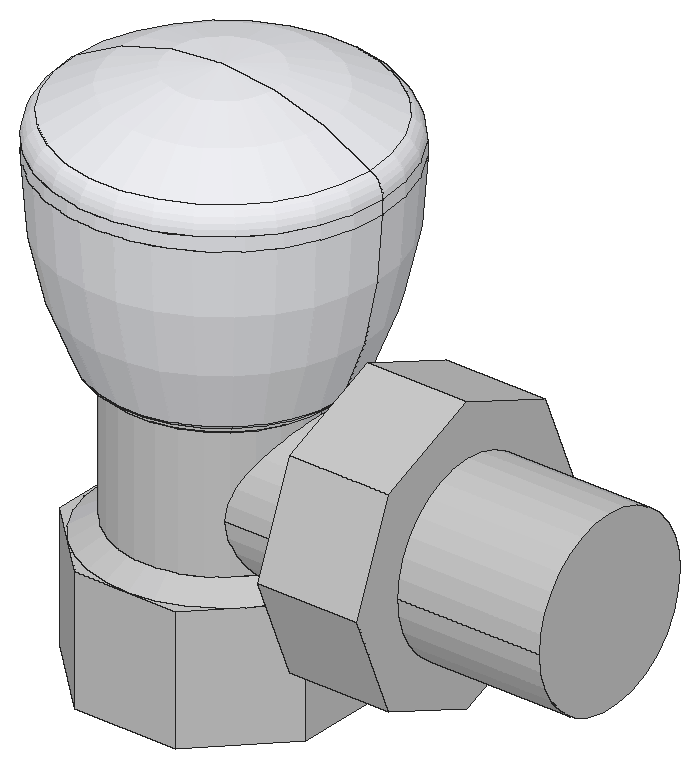
Revit family "PA_Арматура трубопроводов [клапан регулирующий угловой, VT.007.N]1 - VALTEC", category Арматура трубопроводов, Revit 2018
Family settings
  Размер круглого соединителя = Использовать диаметр
  Тип детали = Вставляется
  На основе рабочей плоскости = Нет
  Всегда вертикально = Да
  При загрузке вырезать с полостями = Нет
  Общий = Нет
Parameters (values of type "VT.007.N")
  Таблица 2 = "PA_Арматура трубопроводов [клапан регулирующий угловой, VT.007.N] - VALTEC - Таблица 2"  # constant formula
  Таблица 1 = "PA_Арматура трубопроводов [клапан регулирующий угловой, VT.007.N] - VALTEC - Таблица 1"  # constant formula
  Материал доп.1 = Пластик белый - VALTEC
  Изготовитель = "VALTEC"  # constant formula
  d7 [instance] = size_lookup(Таблица 1, "d7", 0 mm, d)  # 26.4 mm
  d6 [instance] = size_lookup(Таблица 1, "d6", 0 mm, d)  # 41.5 mm
  b5 [instance] = size_lookup(Таблица 1, "b5", 0 mm, d)  # 1.1 mm
  b4 [instance] = size_lookup(Таблица 1, "b4", 0 mm, d)  # 0.8 mm
  b3 [instance] = size_lookup(Таблица 1, "b3", 0 mm, d)  # 19.5 mm
  a5 [instance] = size_lookup(Таблица 1, "a5", 0 mm, d)  # 13.5 mm
  a4 [instance] = size_lookup(Таблица 1, "a4", 0 mm, d)  # 8 mm
  C [instance] = size_lookup(Таблица 1, "C", 0 mm, d)  # 28.1 mm
  B [instance] = size_lookup(Таблица 1, "B", 0 mm, d)  # 53.7 mm
  b2 [instance] = size_lookup(Таблица 1, "b2", 0 mm, d)  # 2.1 mm
  d5 [instance] = size_lookup(Таблица 1, "d5", 0 mm, d)  # 24.3 mm
  d4 [instance] = size_lookup(Таблица 1, "d4", 0 mm, d)  # 23 mm
  d3 [instance] = size_lookup(Таблица 1, "d3", 0 mm, d)  # 32 mm
  d2 [instance] = size_lookup(Таблица 1, "d2", 0 mm, d)  # 29.6 mm
  d1 [instance] = size_lookup(Таблица 1, "d1", 0 mm, d)  # 37 mm
  d [instance] = 20 mm
  b1 [instance] = size_lookup(Таблица 1, "b1", 0 mm, d)  # 18.5 mm
  a3 [instance] = size_lookup(Таблица 1, "a3", 0 mm, d)  # 15 mm
  a2 [instance] = size_lookup(Таблица 1, "a2", 0 mm, d)  # 1.9 mm
  a1 [instance] = size_lookup(Таблица 1, "a1", 0 mm, d)  # 19.8 mm
  URL = "https://valtec.ru/"
  ADSK_Расход жидкости [instance] = 0.0 L/s
  ADSK_Примечание [instance] = ""
  ADSK_Потеря давления жидкости [instance] = 0.0 Pa
  ADSK_Позиция [instance] = ""
  ADSK_Обозначение [instance] = "VT.007.N"  # constant formula
  ADSK_Наименование [instance] = size_lookup(Таблица 1, "", "Данный типоразмер отсутствует", d)  # "Клапан регулирующий угловой, 3/4\""
  ADSK_Материал = Сталь, нержавеющая - VALTEC
  ADSK_Масса [instance] = if(d = 15 mm, 0.238, if(d = 20 mm, 0.39, 0))  # 0.39
  ADSK_Марка [instance] = size_lookup(Таблица 2, "", "Данный типоразмер отсутствует", d)  # "VT.007.N.05"
  ADSK_Код изделия [instance] = size_lookup(Таблица 2, "", "Данный типоразмер отсутствует", d)  # "VT.007.N.05"
  ADSK_Завод-изготовитель [instance] = Изготовитель  # "VALTEC"
  ADSK_Единица измерения [instance] = "шт."  # constant formula
  ADSK_URL страницы изделия = "https://valtec.ru/catalog/radiatornaya_armatura/ruchnye_klapany_dlya_radiatorov/klapan_reguliruyushij_uglovoj_vt007n.html"
  ADSK_URL документации изделия = "https://valtec.ru/document/technical/VT.007-008-011-0417.pdf"
  A [instance] = size_lookup(Таблица 1, "A", 0 mm, d)  # 58.2 mm
Reference planes
  plane 1 "По центру (Вперед/Назад)": y = 0
  plane 2: z = 0
  plane 3 "По центру (Влево/Вправо)": x = 0
  plane 4: z = -28.1
  plane 5: z = 53.7
  plane 6: x = 58.2
  plane 7: x = 19.8
  plane 8: x = 21.7
  plane 9: x = 36.7
  plane 10: x = 44.7
  plane 11: z = -9.6
  plane 12: z = -7.5
  plane 13: z = 12
  plane 14: z = 12.8
  plane 15: z = 13.9
Forms (mm)
  Blend 1, solid, material "Сталь, нержавеющая - VALTEC" <- "ADSK_Материал", detail levels medium+fine
    base sketch origin (0, 0, 0) x (1, 0, 0) y (0, 1, 0)
      loop
        circle (0, 0) r 18.5
    top sketch origin (0, 0, 0) x (1, 0, 0) y (0, 1, 0)
      loop
        circle (0, 0) r 14.8
    from -9.6 to -7.5
  Extrusion 2, solid, material "Сталь, нержавеющая - VALTEC" <- "ADSK_Материал", detail levels medium+fine
    sketch origin (0, 0, 0) x (1, 0, 0) y (0, 1, 0)
      loop
        circle (0, 0) r 14.8
    from -7.5 to 12
  Blend 3, solid, material "Сталь, нержавеющая - VALTEC" <- "ADSK_Материал", detail levels medium+fine
    base sketch origin (0, 0, 0) x (1, 0, 0) y (0, 1, 0)
      loop
        circle (0, 0) r 14.8
    top sketch origin (0, 0, 0) x (1, 0, 0) y (0, 1, 0)
      loop
        circle (0, 0) r 16
    from 12 to 12.8
  Extrusion 4, solid, material "Сталь, нержавеющая - VALTEC" <- "ADSK_Материал", detail levels medium+fine
    sketch origin (0, 0, 0) x (1, 0, 0) y (0, 1, 0)
      loop
        circle (0, 0) r 16
    from 12.8 to 13.9
  Extrusion 5, solid, material "Сталь, нержавеющая - VALTEC" <- "ADSK_Материал", detail levels medium+fine
    sketch origin (0, 0, 0) x (0, 1, 0) y (0, 0, 1)
      loop
        circle (0, 0) r 11.5
    from 0 to 19.8
  Blend 6, solid, material "Сталь, нержавеющая - VALTEC" <- "ADSK_Материал", detail levels medium+fine
    base sketch origin (0, 0, 0) x (0, 1, 0) y (0, 0, 1)
      loop
        circle (0, 0) r 11.5
    top sketch origin (0, 0, 0) x (0, 1, 0) y (0, 0, 1)
      loop
        circle (0, 0) r 12.15
    from 19.8 to 21.7
  Extrusion 7, solid, material "Сталь, нержавеющая - VALTEC" <- "ADSK_Материал", detail levels medium+fine
    sketch origin (0, 0, 0) x (0, 1, 0) y (0, 0, 1)
      loop
        circle (0, 0) r 13.2
    from 36.7 to 58.2
Cuts and joins
  joined: Blend 1, Extrusion 2, Blend 3, Extrusion 4, Extrusion 5, Blend 6, Extrusion 7
Lines and regions (mm)
  reference lines
    curve 1: line (0, 0, -28.1) -> (0, 0, 0)
    curve 2: line (44.7, 0, 0) -> (0, 0, 0)
  model lines, detail levels coarse
    curve 3: line (-15, 0, -28.1) -> (15, 0, -28.1)
    curve 4: line (-15, 0, -28.1) -> (0, 0, 0)
    curve 5: line (15, 0, -28.1) -> (0, 0, 0)
    curve 6: line (28.1, 0, -15) -> (28.1, 0, 15)
    curve 7: line (28.1, 0, -15) -> (0, 0, 0)
    curve 8: line (0, 0, 0) -> (28.1, 0, 15)
    curve 9: line (28.1, 0, 0) -> (44.7, 0, 0)
    curve 16: line (0, 0, 0) -> (0, 0, 53.7)
    curve 17: line (0, 0, 0) -> (-10, 0, 17.321)
    curve 18: line (0, 0, 0) -> (10, 0, 17.321)
  symbolic lines, detail levels coarse
    curve 10: line (-15, -28.1, 0) -> (15, -28.1, 0)
    curve 11: line (28.1, -15, 0) -> (28.1, 15, 0)
    curve 12: line (15, -28.1, 0) -> (0, 0, 0)
    curve 13: line (0, 0, 0) -> (-15, -28.1, 0)
    curve 14: line (28.1, 15, 0) -> (0, 0, 0)
    curve 15: line (28.1, -15, 0) -> (0, 0, 0)
    curve 19: line (0, 0, 0) -> (0, 53.7, 0)
    curve 20: line (0, 0, 0) -> (-10, 17.321, 0)
    curve 21: line (0, 0, 0) -> (10, 17.321, 0)
Dimensions and locks
  "C": plane 2 to plane 4
  "B": plane 5 to plane 2
  "A": plane 6 to plane 3 "По центру (Влево/Вправо)"
  "a1": plane 7 to plane 3 "По центру (Влево/Вправо)"
  "a2": plane 7 to plane 8
  "a3": plane 8 to plane 9
  "a4": plane 9 to plane 10
  "b1": plane 11 to plane 4
  "b2": plane 12 to plane 11
  "b3": plane 13 to plane 12
  "b4": plane 14 to plane 13
  "b5": plane 15 to plane 14
  "C": curve 6 to plane 3 "По центру (Влево/Вправо)"
  locked: plane 3 "По центру (Влево/Вправо)" to curve 4 at 15
  locked: curve 5 to plane 3 "По центру (Влево/Вправо)" at 15
  curve 8 to level to curve 7 = 15 mm locked, 15 mm locked
  "C": curve 10 to plane 1 "По центру (Вперед/Назад)"
  "C": plane 3 "По центру (Влево/Вправо)" to curve 11
  curve 10 to plane 3 "По центру (Влево/Вправо)" to curve 10 = 15 mm locked, 15 mm locked
  curve 11 to plane 1 "По центру (Вперед/Назад)" to curve 11 = 15 mm locked, 15 mm locked
  "B": plane 1 "По центру (Вперед/Назад)" to curve 19
  "d1": diameter of Blend 1 sketch curve
  "d2": diameter of Blend 1 sketch curve
  "d2": diameter of Extrusion 2 sketch curve
  "d2": diameter of Blend 3 sketch curve
  "d3": diameter of Blend 3 sketch curve
  "d3": diameter of Extrusion 4 sketch curve
  "d4": diameter of Extrusion 5 sketch curve
  "d4": diameter of Blend 6 sketch curve
  "d5": diameter of Blend 6 sketch curve
  "d7": diameter of Extrusion 7 sketch curve
  locked: curve 16 to curve 17 (angle 30.00°)
  locked: curve 18 to plane 3 "По центру (Влево/Вправо)" (angle 30.00°)
  locked: plane 3 "По центру (Влево/Вправо)" to curve 20 (angle 30.00°)
  locked: curve 21 to plane 3 "По центру (Влево/Вправо)" (angle 30.00°)
  aligned and locked: level to plane 2
  aligned and locked: plane 1 "По центру (Вперед/Назад)" to Blend 1 sketch curve  (x2)
  aligned and locked: plane 3 "По центру (Влево/Вправо)" to Blend 1 sketch curve  (x2)
  aligned and locked: nested 1 to plane 4
  aligned and locked: Blend 1 to plane 11
  aligned and locked: plane 12 to Blend 1
  aligned and locked: plane 3 "По центру (Влево/Вправо)" to Extrusion 2 sketch curve
  aligned and locked: plane 1 "По центру (Вперед/Назад)" to Extrusion 2 sketch curve
  aligned and locked: plane 3 "По центру (Влево/Вправо)" to Blend 3 sketch curve  (x2)
  aligned and locked: plane 1 "По центру (Вперед/Назад)" to Blend 3 sketch curve  (x2)
  aligned and locked: plane 3 "По центру (Влево/Вправо)" to Extrusion 4 sketch curve
  aligned and locked: plane 1 "По центру (Вперед/Назад)" to Extrusion 4 sketch curve
  aligned and locked: plane 14 to Blend 3
  aligned and locked: Blend 3 to plane 13
  aligned and locked: Extrusion 2 to plane 12
  aligned and locked: plane 13 to Extrusion 2
  aligned and locked: Extrusion 4 to plane 14
  aligned and locked: plane 15 to Extrusion 4
  aligned and locked: plane 1 "По центру (Вперед/Назад)" to Extrusion 5 sketch curve
  aligned and locked: level to Extrusion 5 sketch curve
  aligned and locked: plane 1 "По центру (Вперед/Назад)" to Blend 6 sketch curve  (x2)
  aligned and locked: level to Blend 6 sketch curve  (x2)
  aligned and locked: plane 1 "По центру (Вперед/Назад)" to Extrusion 7 sketch curve
  aligned and locked: level to Extrusion 7 sketch curve
  aligned and locked: Extrusion 5 to plane 3 "По центру (Влево/Вправо)"
  aligned and locked: Extrusion 5 to plane 7
  aligned and locked: plane 7 to Blend 6
  aligned and locked: Blend 6 to plane 8
  aligned and locked: plane 9 to Extrusion 7
  aligned and locked: Extrusion 7 to plane 6
  aligned and locked: plane 1 "По центру (Вперед/Назад)" to nested 2
  aligned and locked: plane 8 to nested 2
  aligned and locked: plane 3 "По центру (Влево/Вправо)" to curve 2
  aligned and locked: plane 10 to curve 2
  aligned and locked: level to curve 2
  aligned and locked: level to curve 1
  aligned and locked: plane 4 to curve 1
  aligned and locked: plane 3 "По центру (Влево/Вправо)" to curve 1
  aligned and locked: curve 3 to plane 4
  aligned and locked: plane 10 to curve 9
  aligned and locked: curve 6 to curve 9
  aligned and locked: nested 3 to plane 1 "По центру (Вперед/Назад)"
  aligned and locked: plane 3 "По центру (Влево/Вправо)" to nested 3
  aligned and locked: plane 15 to nested 3
  aligned and locked: level to curve 16
  aligned and locked: plane 5 to curve 16
  aligned and locked: plane 3 "По центру (Влево/Вправо)" to curve 16
  aligned and locked: plane 3 "По центру (Влево/Вправо)" to curve 19
Automatic sketch dimensions
  curve 9 to level = 0 mm
  plane 1 "По центру (Вперед/Назад)" to curve 21 = 0 mm
Nested families
  nested 1: "Гайка - вертикаль" at (0, 0, -28.1) x (-0.3827, -0.9239, 0) z (0, 0, 1), ADSK_Материал <- "ADSK_Материал", d <- "d1", h <- "b1", type "Гайка - вертикаль", detail levels medium+fine
    with h 18.5 mm, d 37 mm, ADSK_Материал Сталь, нержавеющая - VALTEC
  nested 2: "Гайка - горизонталь" at (29.2, 0, 0), ADSK_Материал <- "ADSK_Материал", B <- "a3", d3 <- "d6", type "Гайка - горизонталь", detail levels medium+fine
    with hr 38.341 mm, d3 41.5 mm, B 15 mm, ADSK_Материал Сталь, нержавеющая - VALTEC
  nested 3: "MM_Обобщенные модели [колпачок, VT.007.N] - VALTEC" at (0, 0, 13.9), type "VT.TE3042.0", detail levels medium+fine
Connectors
  piping at (0, 0, -28.1), diameter 20, driven by "d", driven by "ADSK_Расход жидкости"
    settings: on curve 1, index 1, connector inside diameter 609.6 mm, connector length 0 mm, flow factor 0, pipe flow 0.0 L/s, pressure drop 0.0 Pa, fitting loss kfactor 0, connector angle 0.00°, fixture units 0, engagement length 0 mm, angle of deflection 0.00°, flow configuration 0, flow direction 0, fitting loss method 0, system type 29, joint type 0, gender type 0, connector reference index 2, connector utility 0, adjustable connector no, is connector primary no, connector description ""
  piping at (44.7, 0, 0), diameter 20, driven by "d", driven by "ADSK_Расход жидкости", driven by "ADSK_Потеря давления жидкости"
    settings: on curve 2, index 2, connector inside diameter 609.6 mm, connector length 0 mm, flow factor 0, pipe flow 0.0 L/s, pressure drop 0.0 Pa, fitting loss kfactor 0, connector angle 0.00°, fixture units 0, engagement length 0 mm, angle of deflection 0.00°, flow configuration 0, flow direction 0, fitting loss method 4, system type 29, joint type 0, gender type 0, connector reference index 1, connector utility 0, adjustable connector no, is connector primary yes, connector description ""
Definition of nested family "Гайка - вертикаль"
  Parameters (values of type "Гайка - вертикаль")
    h [instance] = 7.5 mm
    d [instance] = 11.918 mm
    ADSK_Материал [instance] = none
  Reference planes
    plane 1 "По центру (Вперед/Назад)": y = 0
    plane 2: z = 0
    plane 3 "По центру (Влево/Вправо)": x = 0
    plane 4: x = -6.45
    plane 5: x = 6.45
    plane 6: through (737.894, 1797.006, 1200) normal (0.9239, -0.3827, 0)
    plane 7: through (765.367, 1847.759, 1200) normal (0.9239, -0.3827, 0)
    plane 8: through (792.839, 1898.512, 1200) normal (0.9239, -0.3827, 0)
    plane 9: through (-737.894, 1797.006, 1200) normal (0.9239, 0.3827, 0)
    plane 10: through (-765.367, 1847.759, 1200) normal (0.9239, 0.3827, 0)
    plane 11: through (-792.839, 1898.512, 1200) normal (0.9239, 0.3827, 0)
    plane 12: through (1845.479, 770.872, 1200) normal (0.3827, -0.9239, 0)
    plane 13: through (1847.759, 765.367, 1200) normal (0.3827, -0.9239, 0)
    plane 14: through (1850.039, 759.861, 1200) normal (0.3827, -0.9239, 0)
    plane 15: through (-1845.479, 770.872, 1200) normal (0.3827, 0.9239, 0)
    plane 16: through (-1847.759, 765.367, 1200) normal (0.3827, 0.9239, 0)
    plane 17: through (-1850.039, 759.861, 1200) normal (0.3827, 0.9239, 0)
    plane 18: z = 7.5
  Forms (mm)
    Extrusion 1, solid, material <- "ADSK_Материал"
      sketch origin (0, 0, 0) x (1, 0, 0) y (0, 1, 0)
        loop
          line (0, 6.45) -> (-4.561, 4.561) -> (-6.45, 0) -> (-4.561, -4.561) -> (0, -6.45) -> (4.561, -4.561) -> (6.45, 0) -> (4.561, 4.561) -> (0, 6.45)
      from 0 to 7.5
  Dimensions and locks
    equal spacing: plane 4, plane 3 "По центру (Влево/Вправо)", plane 5
    locked: plane 4 to plane 5 at 12.9
    equal spacing: plane 6, plane 7, plane 8
    "d": plane 6 to plane 8
    equal spacing: plane 9, plane 10, plane 11
    "d": plane 9 to plane 11
    equal spacing: plane 12, plane 13, plane 14
    "d": plane 12 to plane 14
    equal spacing: plane 15, plane 16, plane 17
    "d": plane 15 to plane 17
    "h": plane 18 to plane 2
    aligned and locked: level to plane 2
    aligned and locked: plane 12 to Extrusion 1 sketch curve
    aligned and locked: plane 15 to Extrusion 1 sketch curve
    aligned and locked: plane 9 to Extrusion 1 sketch curve
    aligned and locked: Extrusion 1 sketch curve to plane 8
    aligned and locked: Extrusion 1 sketch curve to plane 14
    aligned and locked: Extrusion 1 sketch curve to plane 17
    aligned and locked: Extrusion 1 sketch curve to plane 11
    aligned and locked: plane 6 to Extrusion 1 sketch curve
    aligned and locked: plane 18 to Extrusion 1
Definition of nested family "Гайка - горизонталь"
  Parameters (values of type "Гайка - горизонталь")
    hr [instance] = d3 / 2 * cos(180.00° / 8) * 2  # 588.881 mm
    d3 [instance] = 637.4 mm
    B [instance] = 637.4 mm
    ADSK_Материал [instance] = none
  Reference planes
    plane 1 "По центру (Вперед/Назад)": y = 0
    plane 2: z = 0
    plane 3 "По центру (Влево/Вправо)": x = 0
    plane 4: y = 318.7
    plane 5: y = -318.7
    plane 6: through (0, -912.519, 2972.425) normal (0, -0.9239, -0.3827)
    plane 7: through (0, -1234.338, 2979.956) normal (0, -0.9239, -0.3827)
    plane 8: through (0, -1556.157, 2987.486) normal (0, -0.9239, -0.3827)
    plane 9: through (0, 1234.338, 2979.956) normal (0, -0.9239, 0.3827)
    plane 10: through (0, -2420.114, 1321.144) normal (0, -0.3827, -0.9239)
    plane 11: through (0, -2532.792, 1049.117) normal (0, -0.3827, -0.9239)
    plane 12: through (0, -2645.469, 777.089) normal (0, -0.3827, -0.9239)
    plane 13: through (0, 2420.114, 1321.144) normal (0, -0.3827, 0.9239)
    plane 14: through (0, 2532.792, 1049.117) normal (0, -0.3827, 0.9239)
    plane 15: through (0, 2645.469, 777.089) normal (0, -0.3827, 0.9239)
    plane 16: through (0, 912.519, 2972.425) normal (0, -0.9239, 0.3827)
    plane 17: through (0, 1234.338, 2979.956) normal (0, -0.9239, 0.3827)
    plane 18: through (0, 1556.157, 2987.486) normal (0, -0.9239, 0.3827)
    plane 19: x = 318.7
    plane 20: x = -318.7
  Forms (mm)
    Extrusion 1, solid, material <- "ADSK_Материал"
      sketch origin (0, 0, 0) x (0, 1, 0) y (0, 0, 1)
        loop
          line (0, 318.7) -> (-225.355, 225.355) -> (-318.7, 0) -> (-225.355, -225.355) -> (0, -318.7) -> (225.355, -225.355) -> (318.7, 0) -> (225.355, 225.355) -> (0, 318.7)
      from -318.7 to 318.7
  Dimensions and locks
    equal spacing: plane 4, plane 1 "По центру (Вперед/Назад)", plane 5
    "d3": plane 4 to plane 5
    equal spacing: plane 8, plane 7, plane 6
    "hr": plane 8 to plane 6
    equal spacing: plane 12, plane 11, plane 10
    "hr": plane 12 to plane 10
    equal spacing: plane 15, plane 14, plane 13
    "hr": plane 15 to plane 13
    equal spacing: plane 18, plane 17, plane 16
    "hr": plane 18 to plane 16
    equal spacing: plane 20, plane 3 "По центру (Влево/Вправо)", plane 19
    "B": plane 20 to plane 19
    aligned and locked: level to plane 2
    aligned and locked: plane 10 to Extrusion 1 sketch curve
    aligned and locked: plane 13 to Extrusion 1 sketch curve
    aligned and locked: plane 16 to Extrusion 1 sketch curve
    aligned and locked: Extrusion 1 sketch curve to plane 8
    aligned and locked: Extrusion 1 sketch curve to plane 12
    aligned and locked: Extrusion 1 sketch curve to plane 15
    aligned and locked: Extrusion 1 sketch curve to plane 18
    aligned and locked: plane 6 to Extrusion 1 sketch curve
    aligned and locked: plane 19 to Extrusion 1
    aligned and locked: plane 20 to Extrusion 1
    aligned and locked: Extrusion 1 to plane 19
Definition of nested family "MM_Обобщенные модели [колпачок, VT.007.N] - VALTEC"
  Parameters (values of type "VT.TE3042.0")
    Manufacturer = ""
    URL = ""
    ADSK_Материал = none
  Reference planes
    plane 1 "По центру (Вперед/Назад)": y = 0
    plane 2: z = 0
    plane 3 "По центру (Влево/Вправо)": x = 0
    plane 4: z = 39.2
    plane 5: y = 5.5
    plane 6: y = -5.5
    plane 7: x = -24.5
    plane 8: z = 32.2
    plane 9: x = 18.75
    plane 10: x = 24.5
    plane 11: x = -18.75
  Forms (mm)
    Revolve 1, solid, material <- "ADSK_Материал"
      sketch origin (0, 0, 0) x (1, 0, 0) y (0, 0, 1)
        loop
          arc (-22.203, 33.044) -> (-23.529, 31.6) -> (-24.009, 29.699) r 4
          line (-24.009, 29.699) -> (-24.009, 27.7)
          arc (-24.009, 27.7) -> (-22.434, 13.78) -> (-17.786, 0.564) r 62.272
          arc (-17.786, 0.564) -> (-17.417, 0.153) -> (-16.886, 0) r 1
          line (-16.886, 0) -> (0, 0) -> (0, 39.675)
          arc (0, 39.675) -> (-11.586, 37.982) -> (-22.203, 33.044) r 40.487
        axis (0, 39.675) -> (0, 0)
      angle from 0 to 360
  Lines and regions (mm)
    reference lines
      curve 1: line (0, 0, 0) -> (0, 0, 25)
      curve 2: line (0, -12.5, 0) -> (0, 12.5, 0)
      curve 3: line (12.5, 0, 0) -> (-12.5, 0, 0)
  Dimensions and locks
    plane 6 to plane 1 "По центру (Вперед/Назад)" to plane 5 = 5.5 mm locked, 5.5 mm locked
    locked: plane 3 "По центру (Влево/Вправо)" to plane 7 at 24.5
    locked: plane 9 to plane 3 "По центру (Влево/Вправо)" at 18.75
    locked: plane 4 to plane 2 at 39.2
    locked: plane 4 to plane 8 at 7
    locked: plane 3 "По центру (Влево/Вправо)" to plane 10 at 24.5
    locked: plane 11 to plane 3 "По центру (Влево/Вправо)" at 18.75
    aligned and locked: level to plane 2
